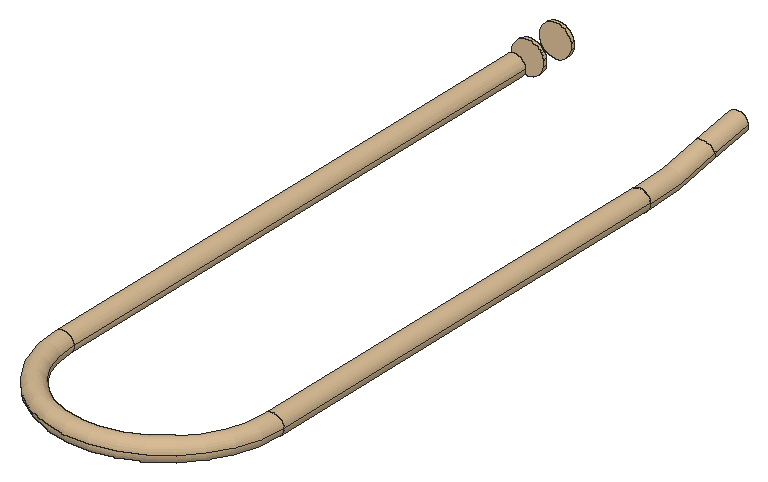
Revit family "Deca_Ducha higiênica com registro e derivação_Wish_1984.WSH.ACT", category Plumbing Fixtures, host Face, Revit 2020 (continued)
Lines and regions (m)
  symbolic lines
    curve 470: line (-0.006576, -0.0221, 0) -> (-0.011019, -0.0221, 0)
    curve 471: arc (-0.011019, -0.0221, 0) -> (-0.011542, -0.022617, 0) -> (-0.011965, -0.023219, 0) r 0.004157
    curve 472: line (-0.011965, -0.023219, 0) -> (-0.011965, -0.030929, 0)
    curve 473: arc (-0.011965, -0.030929, 0) -> (-0.011505, -0.031548, 0) -> (-0.010967, -0.0321, 0) r 0.005787
    curve 474: arc (-0.009254, -0.023219, 0) -> (-0.009735, -0.022581, 0) -> (-0.010373, -0.0221, 0) r 0.002865
    curve 475: arc (-0.009254, -0.030929, 0) -> (-0.009768, -0.03163, 0) -> (-0.010518, -0.032067, 0) r 0.002133
    curve 476: arc (-0.010518, -0.032067, 0) -> (-0.011015, -0.03198, 0) -> (-0.011405, -0.031662, 0) r 0.001002
    curve 477: arc (-0.007752, -0.030929, 0) -> (-0.002759, -0.032103, 0) -> (0.002231, -0.03092, 0) r 0.011161
    curve 478: arc (0.003973, -0.030744, 0) -> (0.007669, -0.032106, 0) -> (0.011429, -0.030929, 0) r 0.006113
    curve 479: arc (0.010967, -0.0321, 0) -> (0.011512, -0.031545, 0) -> (0.011965, -0.030911, 0) r 0.004985
    curve 480: arc (0.011429, -0.023219, 0) -> (0.00978, -0.022409, 0) -> (0.007969, -0.0221, 0) r 0.006424
    curve 481: line (0.010325, -0.0221, 0) -> (0.010325, -0.02, 0)
    curve 482: line (-0.010325, -0.02, 0) -> (-0.010325, -0.0221, 0)
    curve 483: arc (-0.007752, -0.023219, 0) -> (-0.007188, -0.022981, 0) -> (-0.006611, -0.022778, 0) r 0.010296
    curve 484: line (-0.025, -0.006728, 0) -> (-0.025, -0.025, 0)
    curve 485: line (-0.011965, -0.025, 0) -> (-0.025, -0.025, 0)
    curve 486: line (0.011965, -0.025, 0) -> (0.025, -0.025, 0)
    curve 487: line (0.025, -0.025, 0) -> (0.025, -0.006728, 0)
    curve 488: line (-0.00752, -0.0321, 0) -> (-0.00752, -0.0481, 0)
    curve 489: line (0.00752, -0.0481, 0) -> (0.00752, -0.0321, 0)
    curve 490: line (-0.00752, -0.0481, 0) -> (0.00752, -0.0481, 0)
    curve 491: line (0, -0.031, 0.094487) -> (0, 0.031, 0.094487)
    curve 492: line (0, -0.031, 0.084487) -> (0, -0.031, 0.094487)
    curve 493: line (0, 0.031, 0.084487) -> (0, -0.031, 0.084487)
    curve 494: line (0, 0.031, 0.094487) -> (0, 0.031, 0.084487)
    curve 495: line (0, -0.00625, 0.08379) -> (0, -0.00625, 0.073858)
    curve 496: line (0, 0.00625, 0.08379) -> (0, 0.00625, 0.073858)
    curve 497: line (0, -0.0145, 0.066858) -> (0, -0.0145, 0.073858)
    curve 498: line (0, -0.0145, 0.073858) -> (0, 0.012725, 0.073858)
    curve 499: line (0, 0.012725, 0.073858) -> (0, 0.0145, 0.073858)
    curve 500: line (0, 0.0145, 0.073858) -> (0, 0.0145, 0.066858)
    curve 501: line (0, 0.015, 0.011) -> (0, 0.015, 0.066858)
    curve 502: line (0, 0.015, 0.066858) -> (0, -0.015, 0.066858)
    curve 503: line (0, -0.015, 0.066858) -> (0, -0.015, 0.011)
    curve 504: line (0, 0.024513, 0.011) -> (0, -0.024513, 0.011)
    curve 505: line (0, -0.024813, 0.010705) -> (0, -0.025, 0)
    curve 506: line (0, -0.025, 0) -> (0, 0.025, 0)
    curve 507: line (0, 0.025, 0) -> (0, 0.024813, 0.010705)
    curve 508: line (0, 0.062643, 0.032065) -> (0, 0.039318, 0.025094)
    curve 509: line (0, 0.039318, 0.025094) -> (0, 0.035201, 0.048444)
    curve 510: line (0, 0.035201, 0.048444) -> (0, 0.061982, 0.050016)
    curve 511: arc (0, 0.0864, 0.043835) -> (0, 0.083238, 0.051321) -> (0, 0.078625, 0.058011) r 0.0399
    curve 512: arc (0, 0.078625, 0.058011) -> (0, 0.077864, 0.05865) -> (0, 0.076937, 0.059006) r 0.003
    curve 513: arc (0, 0.076937, 0.059006) -> (0, 0.072331, 0.059911) -> (0, 0.067714, 0.060761) r 0.400338
    curve 514: arc (0, 0.067714, 0.060761) -> (0, 0.048948, 0.063647) -> (0, 0.030066, 0.065639) r 0.4
    curve 515: line (0, 0.030066, 0.065639) -> (0, 0.029417, 0.063414)
    curve 516: arc (0, -0.015, 0.017358) -> (0, -0.015879, 0.019479) -> (0, -0.018, 0.020358) r 0.003
    curve 517: line (0, -0.018, 0.020358) -> (0, -0.018, 0.043828)
    curve 518: line (0, -0.018, 0.043828) -> (0, -0.018, 0.045358)
    curve 519: arc (0, -0.018, 0.045358) -> (0, -0.015879, 0.046237) -> (0, -0.015, 0.048358) r 0.003
    curve 520: line (0, -0.0321, 0.021891) -> (0, -0.0321, 0.043825)
    curve 521: line (0, -0.023219, 0.020917) -> (0, -0.030929, 0.020917)
    curve 522: line (0, -0.030929, 0.020917) -> (0, -0.0321, 0.021891)
    curve 523: line (0, -0.023219, 0.020917) -> (0, -0.0221, 0.021839)
    curve 524: line (0, -0.0221, 0.021839) -> (0, -0.0221, 0.043825)
    curve 525: line (0, -0.0221, 0.043825) -> (0, -0.023219, 0.044799)
    curve 526: line (0, -0.023219, 0.044799) -> (0, -0.030929, 0.044799)
    curve 527: line (0, -0.030929, 0.044799) -> (0, -0.0321, 0.043825)
    curve 528: line (0, -0.0221, 0.030814) -> (0, -0.0321, 0.030814)
    curve 529: line (0, -0.0221, 0.028771) -> (0, -0.0321, 0.028771)
    curve 530: line (0, -0.0221, 0.041452) -> (0, -0.0321, 0.041452)
    curve 531: line (0, -0.0221, 0.021891) -> (0, -0.0321, 0.021891)
    curve 532: line (0, -0.0221, 0.022533) -> (0, -0.02, 0.022533)
    curve 533: line (0, -0.0221, 0.043183) -> (0, -0.02, 0.043183)
    curve 534: line (0, -0.02, 0.045358) -> (0, -0.02, 0.020358)
    curve 535: line (0, -0.02, 0.045358) -> (0, -0.018, 0.045358)
    curve 536: line (0, 0.0329, 0.020958) -> (0, 0.0234, 0.020958)
    curve 537: line (0, 0.0329, 0.044608) -> (0, 0.0329, 0.020958)
    curve 538: line (0, 0.0234, 0.044608) -> (0, 0.0329, 0.044608)
    curve 539: line (0, 0.0269, 0.020958) -> (0, 0.0269, 0.044608)
    curve 540: line (0, 0.0234, 0.020958) -> (0, 0.0234, 0.044608)
    curve 541: line (0, 0.0234, 0.043183) -> (0, 0.02, 0.043183)
    curve 542: line (0, 0.0234, 0.022533) -> (0, 0.02, 0.022533)
    curve 543: arc (0, 0.015, 0.017358) -> (0, 0.015879, 0.019479) -> (0, 0.018, 0.020358) r 0.003
    curve 544: line (0, 0.018, 0.020358) -> (0, 0.02, 0.020358)
    curve 545: line (0, 0.02, 0.020358) -> (0, 0.02, 0.043828)
    curve 546: line (0, 0.02, 0.043828) -> (0, 0.02, 0.045358)
    curve 547: line (0, 0.02, 0.045358) -> (0, 0.018, 0.045358)
    curve 548: arc (0, 0.018, 0.045358) -> (0, 0.015882, 0.046234) -> (0, 0.015, 0.048349) r 0.003
    curve 549: line (0, 0.018, 0.045358) -> (0, 0.018, 0.020358)
    curve 550: line (0, 0.039318, 0.025094) -> (0, 0.0329, 0.02368)
    curve 551: line (0, 0.035201, 0.048444) -> (0, 0.016036, 0.046091)
    curve 552: arc (0, 0.053501, 0.054495) -> (0, 0.042038, 0.058192) -> (0, 0.030469, 0.061542) r 0.4
    curve 553: arc (0, 0.029417, 0.063414) -> (0, 0.029546, 0.06226) -> (0, 0.03046, 0.061544) r 0.0015
    curve 554: arc (0, 0.071909, 0.037051) -> (0, 0.064616, 0.04779) -> (0, 0.053501, 0.054495) r 0.03032
    curve 555: arc (0, 0.067188, 0.057808) -> (0, 0.0502, 0.060456) -> (0, 0.033113, 0.062367) r 0.397
    curve 556: arc (0, 0.067188, 0.057808) -> (0, 0.072906, 0.057942) -> (0, 0.078625, 0.058011) r 0.505801
    curve 557: arc (0, 0.033113, 0.062367) -> (0, 0.031355, 0.063198) -> (0, 0.029594, 0.06402) r 0.395619
    curve 558: line (0, 0.062792, 0.032775) -> (0, 0.085303, 0.043334)
    curve 559: arc (0, 0.079063, 0.040407) -> (0, 0.074603, 0.050116) -> (0, 0.067188, 0.057808) r 0.0319
    curve 560: line (0, 0.088809, 0.034391) -> (0, 0.090039, 0.034967)
    curve 561: line (0, 0.090039, 0.034967) -> (0, 0.097168, 0.019768)
    curve 562: line (0, 0.097168, 0.019768) -> (0, 0.073628, 0.008727)
    curve 563: line (0, 0.073628, 0.008727) -> (0, 0.06246, 0.032538)
    curve 564: line (0, 0.085373, 0.043272) -> (0, 0.06246, 0.032538)
    curve 565: line (0, 0.074265, 0.007369) -> (0, 0.097805, 0.018409)
    curve 566: line (0, 0.074265, 0.007369) -> (0, 0.077133, 0.003273)
    curve 567: line (0, 0.077133, 0.003273) -> (0, 0.099056, 0.013556)
    curve 568: line (0, 0.097805, 0.018409) -> (0, 0.099056, 0.013556)
    curve 569: line (0, 0.073628, 0.008727) -> (0, 0.0754, 0.007901)
    curve 570: line (0, 0.097168, 0.019768) -> (0, 0.09667, 0.017877)
    curve 571: line (0, 0.084778, 0.042994) -> (0, 0.088809, 0.034391)
    curve 572: line (0, 0.092899, 0.036858) -> (0, 0.090143, 0.035568)
    curve 573: arc (0, 0.092899, 0.036858) -> (0, 0.093157, 0.03714) -> (0, 0.09314, 0.037523) r 0.0005
    curve 574: line (0, 0.089748, 0.044768) -> (0, 0.09314, 0.037523)
    curve 575: arc (0, 0.089748, 0.044768) -> (0, 0.089466, 0.045026) -> (0, 0.089083, 0.045009) r 0.0005
    curve 576: line (0, 0.084778, 0.042994) -> (0, 0.089083, 0.045009)
    curve 577: line (-0.015, 0, 0.011) -> (-0.015, 0, 0.066858)
    curve 578: line (-0.015, 0, 0.066858) -> (0.015, 0, 0.066858)
    curve 579: line (0.015, 0, 0.066858) -> (0.015, 0, 0.011)
    curve 580: line (-0.024808, 0, 0.011) -> (0.024808, 0, 0.011)
    curve 581: line (0.031, 0, 0.094236) -> (-0.031, 0, 0.094236)
    curve 582: line (0.031, 0, 0.084836) -> (0.031, 0, 0.094236)
    curve 583: line (-0.031, 0, 0.084836) -> (0.031, 0, 0.084836)
    curve 584: line (-0.031, 0, 0.094236) -> (-0.031, 0, 0.084836)
    curve 585: line (0.006957, 0, 0.094236) -> (0.006957, 0, 0.084836)
    curve 586: line (-0.006957, 0, 0.094236) -> (-0.006957, 0, 0.084836)
    curve 587: arc (-0.00625, 0, 0.08379) -> (-0.006492, 0, 0.084443) -> (-0.007102, 0, 0.084779) r 0.001
    curve 588: line (-0.00625, 0, 0.08379) -> (-0.00625, 0, 0.073858)
    curve 589: line (0.00625, 0, 0.08379) -> (0.00625, 0, 0.073858)
    curve 590: arc (0.007104, 0, 0.08478) -> (0.006493, 0, 0.084444) -> (0.00625, 0, 0.08379) r 0.001
    curve 591: line (0.0145, 0, 0.066858) -> (0.0145, 0, 0.073858)
    curve 592: line (0.0145, 0, 0.073858) -> (0.006952, 0, 0.073858)
    curve 593: line (0.006952, 0, 0.073858) -> (-0.0145, 0, 0.073858)
    curve 594: line (-0.0145, 0, 0.073858) -> (-0.0145, 0, 0.066858)
    curve 595: line (-0.025, 0, 0) -> (0.025, 0, 0)
    curve 596: line (-0.024808, 0, 0.011) -> (-0.025, 0, 0)
    curve 597: line (0.025, 0, 0) -> (0.024808, 0, 0.011)
    curve 598: arc (0.015, 0, 0.035954) -> (0.096763, 0, 0.035476) -> (0.178522, 0, 0.034574) r 15.755697
    curve 599: arc (0.015, 0, 0.015953) -> (0.096759, 0, 0.014996) -> (0.178522, 0, 0.014573) r 12.515524
    curve 600: arc (0.078922, 0, 0.035617) -> (0.080624, 0, 0.025388) -> (0.078922, 0, 0.015159) r 0.031593
    curve 601: arc (0.071833, 0, 0.035667) -> (0.073503, 0, 0.025449) -> (0.071833, 0, 0.015231) r 0.032108
    curve 602: arc (0.064553, 0, 0.035715) -> (0.067404, 0, 0.025512) -> (0.064553, 0, 0.015309) r 0.019679
    curve 603: arc (0.057525, 0, 0.035758) -> (0.061445, 0, 0.025574) -> (0.057525, 0, 0.015389) r 0.015191
    curve 604: arc (0.051025, 0, 0.035796) -> (0.054267, 0, 0.025631) -> (0.051025, 0, 0.015466) r 0.017555
    curve 605: arc (0.045749, 0, 0.035824) -> (0.048635, 0, 0.025677) -> (0.045749, 0, 0.015531) r 0.019285
    curve 606: arc (0.038972, 0, 0.035858) -> (0.043263, 0, 0.025738) -> (0.038972, 0, 0.015617) r 0.01408
    curve 607: arc (0.027909, 0, 0.035907) -> (0.03156, 0, 0.025786) -> (0.027628, 0, 0.015771) r 0.015264
    curve 608: arc (0.033387, 0, 0.035884) -> (0.036182, 0, 0.025788) -> (0.033387, 0, 0.015692) r 0.019636
    curve 609: arc (0.020348, 0, 0.035936) -> (0.025997, 0, 0.026077) -> (0.021014, 0, 0.015865) r 0.012136
    curve 610: arc (0.085661, 0, 0.035566) -> (0.08738, 0, 0.025314) -> (0.08547, 0, 0.015096) r 0.029762
    curve 611: arc (0.093161, 0, 0.035506) -> (0.094508, 0, 0.025266) -> (0.093161, 0, 0.015027) r 0.039587
    curve 612: arc (0.100225, 0, 0.035446) -> (0.099742, 0, 0.025207) -> (0.100225, 0, 0.014967) r 0.10891
    curve 613: arc (0.107201, 0, 0.035384) -> (0.105703, 0, 0.025148) -> (0.107201, 0, 0.014912) r 0.035716
    curve 614: arc (0.113976, 0, 0.035321) -> (0.11141, 0, 0.025092) -> (0.113976, 0, 0.014863) r 0.02167
    curve 615: arc (0.122082, 0, 0.035242) -> (0.119769, 0, 0.025122) -> (0.121012, 0, 0.014815) r 0.030265
    curve 616: arc (0.128876, 0, 0.035172) -> (0.125837, 0, 0.024969) -> (0.128876, 0, 0.014766) r 0.018646
    curve 617: arc (0.135503, 0, 0.035101) -> (0.131711, 0, 0.024915) -> (0.135503, 0, 0.014729) r 0.015575
    curve 618: arc (0.141671, 0, 0.035033) -> (0.136647, 0, 0.024865) -> (0.141671, 0, 0.014697) r 0.0128
    curve 619: arc (0.148151, 0, 0.034958) -> (0.143184, 0, 0.02487) -> (0.147914, 0, 0.014669) r 0.013039
    curve 620: arc (0.154103, 0, 0.034887) -> (0.149926, 0, 0.024765) -> (0.154103, 0, 0.014643) r 0.014353
    curve 621: arc (0.159764, 0, 0.034818) -> (0.154954, 0, 0.024439) -> (0.160823, 0, 0.014619) r 0.012238
    curve 622: arc (0.170123, 0, 0.034686) -> (0.165777, 0, 0.024639) -> (0.170123, 0, 0.014592) r 0.013787
    curve 623: arc (0.164941, 0, 0.014606) -> (0.16156, 0, 0.024679) -> (0.164941, 0, 0.034753) r 0.016697
    curve 624: arc (0.173415, 0, 0.014584) -> (0.16976, 0, 0.024613) -> (0.173415, 0, 0.034642) r 0.015588
    curve 625: arc (0.176864, 0, 0.014576) -> (0.17249, 0, 0.024586) -> (0.176864, 0, 0.034596) r 0.013641
    curve 626: arc (0.178522, 0, 0.01587) -> (0.176409, 0, 0.024274) -> (0.178522, 0, 0.032677) r 0.01777
    curve 627: arc (0.016515, 0, 0.015931) -> (0.023341, 0, 0.02594) -> (0.016515, 0, 0.035949) r 0.010752
    curve 628: arc (0.015, 0, 0.01777) -> (0.019739, 0, 0.026348) -> (0.015, 0, 0.034925) r 0.010131
    curve 629: line (0.178522, 0, 0) -> (0.178522, 0, 0.035885)
    curve 630: line (0.212522, 0, 0) -> (0.178522, 0, 0)
    curve 631: line (0.212522, 0, 0) -> (0.212522, 0, 0.035885)
    curve 632: arc (0.178522, 0, 0.035885) -> (0.179555, 0, 0.041573) -> (0.182522, 0, 0.046534) r 0.016176
    curve 633: arc (0.212522, 0, 0.035885) -> (0.211489, 0, 0.041561) -> (0.208522, 0, 0.046509) r 0.016108
    curve 634: line (0.212522, 0, 0) -> (0.212522, 0, 0.035773)
    curve 635: line (0.178522, 0, 0.03582) -> (0.178522, 0, 0)
    curve 636: line (0.208522, 0, 0.047159) -> (0.208522, 0, 0.024179)
    curve 637: line (0.182522, 0, 0.024179) -> (0.182522, 0, 0.047159)
    curve 638: line (0.190522, 0, 0.069856) -> (0.190522, 0, 0.074688)
    curve 639: line (0.190522, 0, 0.074688) -> (0.200522, 0, 0.074688)
    curve 640: line (0.200522, 0, 0.074688) -> (0.200522, 0, 0.069856)
    curve 641: line (0.203522, 0, 0.051512) -> (0.203522, 0, 0.066856)
    curve 642: line (0.203522, 0, 0.066856) -> (0.203522, 0, 0.071416)
    curve 643: arc (0.203522, 0, 0.071416) -> (0.202741, 0, 0.073711) -> (0.200522, 0, 0.074688) r 0.003011
    curve 644: arc (0.187522, 0, 0.071937) -> (0.188487, 0, 0.073896) -> (0.190522, 0, 0.074688) r 0.003011
    curve 645: line (0.187522, 0, 0.071937) -> (0.187522, 0, 0.051512)
    curve 646: line (0.203522, 0, 0.066856) -> (0.187522, 0, 0.066856)
    curve 647: line (0.195522, 0, 0.068054) -> (0.195522, 0, 0.054164)
    curve 648: arc (0.203522, 0, 0.066856) -> (0.202643, 0, 0.068977) -> (0.200522, 0, 0.069856) r 0.003
    curve 649: arc (0.187522, 0, 0.066856) -> (0.1884, 0, 0.068977) -> (0.190522, 0, 0.069856) r 0.003
    curve 650: arc (0.19829, 0, 0.068331) -> (0.196914, 0, 0.06811) -> (0.195522, 0, 0.068054) r 0.011649
    curve 651: arc (0.200522, 0, 0.069856) -> (0.200347, 0, 0.069284) -> (0.199882, 0, 0.068907) r 0.001024
    curve 652: arc (0.199882, 0, 0.068907) -> (0.199116, 0, 0.068536) -> (0.19829, 0, 0.068331) r 0.004125
    curve 653: arc (0.192754, 0, 0.068331) -> (0.194129, 0, 0.06811) -> (0.195522, 0, 0.068054) r 0.011649
    curve 654: arc (0.190522, 0, 0.069856) -> (0.190697, 0, 0.069284) -> (0.191162, 0, 0.068907) r 0.001024
    curve 655: arc (0.191162, 0, 0.068907) -> (0.191928, 0, 0.068536) -> (0.192754, 0, 0.068331) r 0.004125
    curve 656: arc (0.201117, 0, 0.052145) -> (0.204361, 0, 0.051183) -> (0.207295, 0, 0.049498) r 0.01453
    curve 657: arc (0.207295, 0, 0.049498) -> (0.208176, 0, 0.048469) -> (0.208522, 0, 0.047159) r 0.003039
    curve 658: arc (0.189927, 0, 0.052145) -> (0.186683, 0, 0.051183) -> (0.183749, 0, 0.049498) r 0.01453
    curve 659: arc (0.183749, 0, 0.049498) -> (0.182868, 0, 0.048469) -> (0.182522, 0, 0.047159) r 0.003039
    curve 660: line (0.201299, 0, 0.051642) -> (0.201299, 0, 0.044398)
    curve 661: arc (0.200337, 0, 0.043675) -> (0.195522, 0, 0.044063) -> (0.190707, 0, 0.043675) r 0.030102
    curve 662: arc (0.200337, 0, 0.043675) -> (0.200972, 0, 0.043832) -> (0.201299, 0, 0.044398) r 0.000836
    curve 663: arc (0.190707, 0, 0.043675) -> (0.190072, 0, 0.043832) -> (0.189744, 0, 0.044398) r 0.000836
    curve 664: line (0.189744, 0, 0.051642) -> (0.189744, 0, 0.044398)
    curve 665: line (0.201299, 0, 0.051642) -> (0.201022, 0, 0.052405)
    curve 666: line (0.201022, 0, 0.052405) -> (0.201022, 0, 0.053629)
    curve 667: line (0.189744, 0, 0.051642) -> (0.190022, 0, 0.052405)
    curve 668: line (0.190022, 0, 0.052405) -> (0.190022, 0, 0.053629)
    curve 669: arc (0.201022, 0, 0.053629) -> (0.195522, 0, 0.054164) -> (0.190022, 0, 0.053629) r 0.028514
    curve 670: spline (0.207509, 0, 0.017463) -> (0.207101, 0, 0.01874) -> (0.205903, 0, 0.019931) -> (0.203998, 0, 0.020953) -> (0.201516, 0, 0.021737) -> (0.198624, 0, 0.02223) -> (0.195522, 0, 0.022399) -> (0.192419, 0, 0.02223) -> (0.189528, 0, 0.021737) -> (0.187045, 0, 0.020953) -> (0.18514, 0, 0.019931) -> (0.183943, 0, 0.01874) -> (0.183534, 0, 0.017463) -> (0.183943, 0, 0.016185) -> (0.18514, 0, 0.014995) -> (0.187045, 0, 0.013973) -> (0.189528, 0, 0.013188) -> (0.192419, 0, 0.012695) -> (0.195522, 0, 0.012527) -> (0.198624, 0, 0.012695) -> (0.201516, 0, 0.013188) -> (0.203998, 0, 0.013973) -> (0.205903, 0, 0.014995) -> (0.207101, 0, 0.016185) -> (0.207509, 0, 0.017463)
    curve 671: arc (0.205908, 0, 0.014998) -> (0.207255, 0, 0.016281) -> (0.207964, 0, 0.018) r 0.004474
    curve 672: line (0.207964, 0, 0.018) -> (0.208527, 0, 0.021061)
    curve 673: arc (0.208527, 0, 0.021061) -> (0.208575, 0, 0.021871) -> (0.208427, 0, 0.022668) r 0.003334
    curve 674: arc (0.208427, 0, 0.022668) -> (0.208488, 0, 0.023423) -> (0.208522, 0, 0.024179) r 0.021296
    curve 675: line (0.18308, 0, 0.018) -> (0.182517, 0, 0.021061)
    curve 676: arc (0.182517, 0, 0.021061) -> (0.182468, 0, 0.021871) -> (0.182617, 0, 0.022668) r 0.003334
    curve 677: arc (0.185135, 0, 0.014998) -> (0.183789, 0, 0.016281) -> (0.18308, 0, 0.018) r 0.004474
    curve 678: arc (0.208427, 0, 0.022668) -> (0.195522, 0, 0.026605) -> (0.182617, 0, 0.022668) r 0.023122
    curve 679: arc (0.182617, 0, 0.022668) -> (0.182556, 0, 0.023423) -> (0.182522, 0, 0.024179) r 0.021296
    curve 680: arc (0.20661, 0, 0.049976) -> (0.205258, 0, 0.052387) -> (0.203522, 0, 0.054538) r 0.016432
    curve 681: arc (0.184433, 0, 0.049976) -> (0.185785, 0, 0.052387) -> (0.187522, 0, 0.054538) r 0.016432
Dimensions and locks (m)
  aligned and locked: plane 2 to host face
  aligned and locked: level to host face
Connectors (m)
  piping at (0, 0.03289, 0.032858), diameter 0.015, driven by "Raio Água Fria Saída"
    settings: on free form element, index 1, connector inside diameter 609.6 mm, connector length 0.00 m, flow factor 0, pipe flow 0.0 L/s, pressure drop 0.0 Pa, fitting loss kfactor 0, connector angle 0.00°, fixture units 0, engagement length 0.00 m, angle of deflection 0.00°, flow configuration 3, flow direction 2, fitting loss method 4, system type 20, joint type 0, gender type 0, connector reference index -1, connector utility 0, adjustable connector no, is connector primary yes, connector description ""
  piping at (0, 0, 0), diameter 0.015, driven by "Raio Água Fria"
    settings: on free form element, index 2, connector inside diameter 609.6 mm, connector length 0.00 m, flow factor 0, pipe flow 0.0 L/s, pressure drop 0.0 Pa, fitting loss kfactor 0, connector angle 0.00°, fixture units 0, engagement length 0.00 m, angle of deflection 0.00°, flow configuration 3, flow direction 2, fitting loss method 4, system type 20, joint type 0, gender type 0, connector reference index -1, connector utility 0, adjustable connector no, is connector primary no, connector description ""
Types (2, lengths in m): name | Peso Líquido (Kg) | Model | Material Secundário | Material | Cor Secundária | Cor Principal
  1984.C.WSH.ACT.CR_Cromado | 0.913 | "1984.C.WSH.ACT.CR" | Deca_Cromado | Deca_Cromado | "" | "Cromado"
  1984.GL.WSH.ACT.RD_Red Gold | 0.95 | "1984.GL.WSH.ACT.RD" | Deca_Branco | Deca_Red Gold | "Branco" | "Red Gold"
